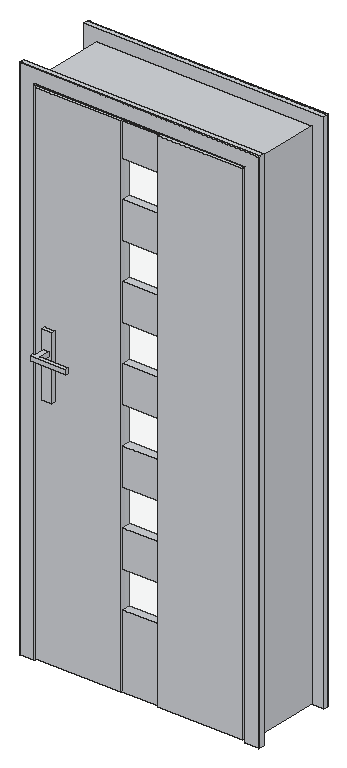
Revit family "PortaFOCUSbp_3B", category Drzwi, Revit 2016
Family settings
  Obiekt nadrzędny = Ściana
  Zawsze pionowo = Tak
  Tnij formami wycięć po wczytaniu = Nie
  Współdzielony = Nie
  Punkt obliczania pomieszczeń = Nie
Parameters (values of type "PN 80")
  Zakres szerokości muru [instance] = if(and(Szerokość ściany > 94 mm, Szerokość ściany < 120 mm), "B", (if(and(Szerokość ściany > 119 mm, Szerokość ściany < 140 mm), "C", (if(and(Szerokość ściany > 139 mm, Szerokość ściany < 160 mm), "D", (if(and(Szerokość ściany > 159 mm, Szerokość ściany < 180 mm), "E", (if(and(Szerokość ściany > 179 mm, Szerokość ściany < 200 mm), "F", (if(and(Szerokość ściany > 199 mm, Szerokość ściany < 220 mm), "G", (if(and(Szerokość ściany > 219 mm, Szerokość ściany < 240 mm), "H", (if(and(Szerokość ściany > 239 mm, Szerokość ściany < 260 mm), "I", (if(and(Szerokość ściany > 259 mm, Szerokość ściany < 280 mm), "J", (if(and(Szerokość ściany > 279 mm, Szerokość ściany < 301 mm), "K", "BRAK")))))))))))))))))))  # "K"
  Wysokość brutto = 2060 mm
  Szerokość ściany [instance] = 300 mm
  Szerokość brutto = 880 mm
  Model = "Porta Focus 3B"
  Materiał_szyba = Szkło
  Konstrukcja analityczna = "<Brak>"
  Funkcja = Wewnętrzna
  URL = "www.porta.com.pl"
  Ss = 818 mm
  Sb = 846 mm
  Producent = "PORTA KMI POLAND"
  Keynote = ""
  Opis = "Własność Porta KMI Poland, wszelkie prawa zastrzeżone."  # constant formula
  Wysokość = 2016 mm
  Zakończenie ściany = Wg obiektu nadrzędnego
  Szerokość = 800 mm
  Materiał_skrzydło [instance] = none
  Materiał_ościeżnica [instance] = none
  Materiał_klamka [instance] = none
  Hs = 2017 mm
Types (5, lengths in mm): name | Szerokość brutto | Materiał_szyba | Ss | Sb | Szerokość
  PN 70 | 780 | none | 718 | 746 | 700
  PN 60 | 680 | none | 618 | 646 | 600
  PN 80 | 880 | Szkło | 818 | 846 | 800
  PN 90 | 980 | none | 918 | 946 | 900
  PN 100 | 1080 | none | 1018 | 1046 | 1000
Reference planes
  plane 1: y = 0
  plane 2 "Środek (Lewa/Prawa)": x = 0
  plane 3 "Lewy": x = -440
  plane 4 "Prawy": x = 440
  plane 5: z = 2060
  plane 6 "Zewnętrzna": y = 150
  plane 7 "Wewnętrzna": y = -150
  plane 8 "skrzydło": y = -129
Forms (mm)
  Sweep 1, solid, material <- "Materiał_ościeżnica"
    path in 3D
      loop
        line (-440, -150, 0) -> (-440, -150, 2060) -> (440, -150, 2060) -> (440, -150, 0)
    profile origin (-440, -150, 1030) x (0, -1, 0) y (1, 0, 0)
      loop
        line (-24, 39) -> (-72, 39) -> (-72, 17) -> (0, 17) -> (0, -33) -> (16, -33)
        arc (16, -33) -> (18.121, -32.121) -> (19, -30) r 3
        line (19, -30) -> (19, 24)
        arc (19, 24) -> (18.121, 26.121) -> (16, 27) r 3
        line (16, 27) -> (-24, 27) -> (-24, 39)
  Sweep 2, solid, material <- "Materiał_ościeżnica"
    path in 3D
      loop
        line (440, 150, 0) -> (440, 150, 2060) -> (-440, 150, 2060) -> (-440, 150, 0)
    profile origin (-440, 150, 1030) x (1, 0, 0) y (0, 1, 0)
      loop
        line (-33, 0) -> (17, 0) -> (17, -228) -> (39, -228) -> (39, -1)
        arc (39, -1) -> (37.536, 2.536) -> (34, 4) r 5
        line (34, 4) -> (25, 4) -> (25, 16)
        arc (25, 16) -> (24.121, 18.121) -> (22, 19) r 3
        line (22, 19) -> (-30, 19)
        arc (-30, 19) -> (-32.121, 18.121) -> (-33, 16) r 3
        line (-33, 16) -> (-33, 0)
  Sweep 3, solid, not visible
    path in 3D
      loop
        line (-440, -150, 0) -> (-440, -150, 2060)
    profile origin (-440, -150, 1030) x (0, -1, 0) y (1, 0, 0)
      loop
        line (-151, 17) -> (-149, 17) -> (-149, 19) -> (-151, 19) -> (-151, 17)
Cuts and joins
  joined: Sweep 1, Sweep 2
Lines and regions (mm)
  Opening 1
    outline origin (-3050, -150, 0) x (1, 0, 0) y (0, 0, 1)
      loop
        line (2610, 0) -> (3490, 0) -> (3490, 2060) -> (2610, 2060) -> (2610, 0)
  sketch lines
    curve 1: line (-440, -150, 0) -> (-440, -150, 2060)
    curve 2: line (-440, -150, 2060) -> (440, -150, 2060)
    curve 3: line (440, -150, 2060) -> (440, -150, 0)
    curve 4: line (-440, 150, 2060) -> (-440, 150, 0)
    curve 5: line (440, 150, 2060) -> (-440, 150, 2060)
    curve 6: line (440, 150, 0) -> (440, 150, 2060)
    curve 12: line (-440, -150, 0) -> (-440, -150, 2060)
  symbolic lines, style "DoorsPanelProjection"
    curve 7: line (409, -150, 0) -> (409, -968, 0)
    curve 8: line (409, -968, 0) -> (369, -968, 0)
    curve 9: line (369, -968, 0) -> (369, -150, 0)
    curve 10: line (369, -150, 0) -> (409, -150, 0)
  symbolic lines, style "Ugięcie rzutu"
    curve 11: arc (-409, -150, 0) -> (-169.413, -728.413, 0) -> (409, -968, 0) r 818
Text (mm)
  text "Zewnętrzna" at (-2295.016, 1099.543, 0), in view "Poziom odniesienia"
  text "Zewnętrzna" at (0, 1615.38, 3698.081), in view "Lewy"
  text "Zewnętrzna" at (0, 1036.032, 3874.932), in view "Prawy"
Dimensions and locks
  equal spacing: plane 3 "Lewy", plane 2 "Środek (Lewa/Prawa)", plane 4 "Prawy"
  "Szerokość brutto": plane 3 "Lewy" to plane 4 "Prawy"
  "Wysokość brutto": plane 5 to host wall
  host wall to plane 5 = 2060 mm  (x2)
  locked: plane 6 "Zewnętrzna" to host wall at 0
  locked: plane 7 "Wewnętrzna" to host wall
  "Sb": Sweep 1 to Sweep 1
  locked: Sweep 1 sketch curve to Sweep 1 sketch curve at 22
  Sweep 1 sketch curve to Sweep 1 sketch curve = 50 mm
  locked: Sweep 1 sketch curve to profile plane at 72
  locked: Sweep 2 sketch curve to Sweep 2 sketch curve at 50
  locked: Sweep 2 sketch curve to Sweep 2 sketch curve at 22
  locked: Sweep 2 sketch curve to plane 6 "Zewnętrzna" at 1
  locked: curve 9 to curve 7 at 40
  "Ss": curve 8 to curve 10
  equal spacing: curve 11, plane 2 "Środek (Lewa/Prawa)", curve 7
  locked: plane 7 "Wewnętrzna" to plane 8 "skrzydło" at 21
  locked: host wall to Sweep 3 sketch curve at 1
  locked: Sweep 3 sketch curve to host wall at 1
  locked: Sweep 3 sketch curve to plane 6 "Zewnętrzna" at 151
  locked: plane 7 "Wewnętrzna" to Sweep 3 sketch curve at 151
  nested 1 to plane 2 "Środek (Lewa/Prawa)" to nested 1 = 409 mm, 409 mm
  locked: nested 1 to level at 8
  "Szerokość ściany": host wall to host wall
  aligned and locked: plane 3 "Lewy" to Opening 1 sketch curve
  aligned and locked: plane 5 to Opening 1 sketch curve  (x2)
  aligned and locked: Opening 1 sketch curve to plane 4 "Prawy"
  aligned and locked: Opening 1 sketch curve to level
  aligned and locked: plane 1 to host wall
  aligned and locked: Sweep 1 to Sweep 2 sketch curve
  aligned and locked: plane 7 "Wewnętrzna" to curve 10
  aligned and locked: Sweep 3 sketch curve to cut or joined group of Sweep 1, Sweep 2
  aligned and locked: Sweep 2 sketch curve to cut or joined group of Sweep 1, Sweep 2
  aligned and locked: nested 1 to plane 8 "skrzydło"
  aligned and locked: plane 2 "Środek (Lewa/Prawa)" to nested 1
Automatic sketch dimensions
  profile plane to Sweep 1 sketch curve = 24 mm
  Sweep 1 sketch curve to profile plane = 16 mm  (x2)
  Sweep 1 sketch curve to Sweep 1 sketch curve = 3 mm
  profile plane to Sweep 1 sketch curve = 17 mm
  Sweep 1 sketch curve to Sweep 1 sketch curve = 7 mm
  Sweep 1 sketch curve to profile plane = 0 mm
  Sweep 2 sketch curve to profile plane = 0 mm
  Sweep 2 sketch curve to profile plane = 16 mm
  Sweep 2 sketch curve to Sweep 2 sketch curve = 3 mm
  Sweep 2 sketch curve to Sweep 2 sketch curve = 5 mm
  Sweep 2 sketch curve to profile plane = 4 mm
  Sweep 2 sketch curve to Sweep 2 sketch curve = 8 mm
  curve 11 to host wall = 0 mm
  Sweep 3 sketch curve to Sweep 3 sketch curve = 2 mm
Nested families
  nested 1: "skrzydło" at (0, -135.5, 0), type "skrzydło"
Definition of nested family "skrzydło"
  Parameters
    Ss = 818 mm
    Materiał_skrzydło = none
    Materiał_klamka = none
    Materiał szyba = none
    Hs = 2017 mm
  Reference planes
    plane 1 "Tył": y = 6.5
    plane 2: z = 0
    plane 3 "Środek (Lewa/Prawa)": x = 0
    plane 4 "Przód": y = -33.5
    plane 5: z = 2025
    plane 6 "Centrum": y = -13.5
    plane 7: z = 8
    plane 8: x = -409
    plane 9: x = 409
    plane 10: x = -72.5
    plane 11: x = 72.5
  Forms (mm)
    Extrusion 1, solid, material <- "Materiał_skrzydło"
      sketch origin (-1191.728, -1524, 8) x (-1, 0, 0) y (0, -1, 0)
        loop
          line (-1119.228, -1490.5) -> (-1119.228, -1530.5) -> (-782.728, -1530.5) -> (-782.728, -1490.5) -> (-1119.228, -1490.5)
        loop
          line (-1600.728, -1530.5) -> (-1264.228, -1530.5) -> (-1264.228, -1490.5) -> (-1600.728, -1490.5) -> (-1600.728, -1530.5)
      from 0 to 2017
    Extrusion 2, solid, material <- "Materiał szyba"
      sketch origin (-892.016, -13.5, 1200) x (-1, 0, 0) y (0, 0, 1)
        loop
          line (-819.516, 824) -> (-964.516, 824) -> (-964.516, -1191) -> (-819.516, -1191) -> (-819.516, 824)
      from -4 to 4
    Extrusion 3, solid, material <- "Materiał_skrzydło"
      sketch origin (-892.016, -13.5, 1200) x (-1, 0, 0) y (0, 0, 1)
        loop
          line (-819.516, -902) -> (-964.516, -902) -> (-964.516, -1192) -> (-819.516, -1192) -> (-819.516, -902)
        loop
          line (-819.516, 825) -> (-964.516, 825) -> (-964.516, 693) -> (-819.516, 693) -> (-819.516, 825)
        loop
          line (-819.516, -612) -> (-964.516, -612) -> (-964.516, -757) -> (-819.516, -757) -> (-819.516, -612)
        loop
          line (-819.516, -322) -> (-964.516, -322) -> (-964.516, -467) -> (-819.516, -467) -> (-819.516, -322)
        loop
          line (-819.516, -32) -> (-964.516, -32) -> (-964.516, -177) -> (-819.516, -177) -> (-819.516, -32)
        loop
          line (-819.516, 258) -> (-964.516, 258) -> (-964.516, 113) -> (-819.516, 113) -> (-819.516, 258)
        loop
          line (-819.516, 548) -> (-964.516, 548) -> (-964.516, 403) -> (-819.516, 403) -> (-819.516, 548)
      from -16.7 to 16.7
  Dimensions and locks
    locked: plane 7 to level at 8
    "Hs": plane 5 to plane 7
    locked: nested 1 to plane 7 at 934
    locked: plane 7 to nested 2 at 934
    equal spacing: plane 4 "Przód", plane 6 "Centrum", plane 1 "Tył"
    equal spacing: plane 8, plane 3 "Środek (Lewa/Prawa)", plane 9
    "Ss": plane 8 to plane 9
    locked: plane 8 to nested 1 at 55
    locked: plane 8 to nested 2 at 55
    plane 10 to plane 3 "Środek (Lewa/Prawa)" to plane 11 = 72.5 mm locked, 72.5 mm locked
    aligned and locked: nested 1 to plane 4 "Przód"
    aligned and locked: plane 5 to Extrusion 1
    aligned and locked: nested 2 to nested 1
    aligned and locked: Extrusion 1 sketch curve to plane 8
    aligned and locked: Extrusion 1 sketch curve to plane 9
    aligned and locked: Extrusion 1 sketch curve to plane 1 "Tył"
    aligned and locked: Extrusion 1 sketch curve to plane 4 "Przód"
    aligned and locked: plane 10 to Extrusion 2 sketch curve
    aligned and locked: Extrusion 2 sketch curve to plane 11
    aligned and locked: Extrusion 1 sketch curve to plane 10
    aligned and locked: plane 11 to Extrusion 1 sketch curve
    aligned and locked: plane 10 to Extrusion 3 sketch curve
    aligned and locked: Extrusion 3 sketch curve to plane 11
    aligned and locked: plane 7 to Extrusion 3 sketch curve
    aligned and locked: plane 5 to Extrusion 3 sketch curve
  Automatic sketch dimensions
    plane 1 "Tył" to Extrusion 1 sketch curve = 0 mm
    Extrusion 1 sketch curve to plane 4 "Przód" = 0 mm
    Extrusion 2 sketch curve to plane 5 = 1 mm
    plane 7 to Extrusion 2 sketch curve = 1 mm
    plane 11 to Extrusion 3 sketch curve = 0 mm  (x6)
    Extrusion 3 sketch curve to plane 10 = 0 mm  (x6)
    Extrusion 3 sketch curve to Extrusion 3 sketch curve = 290 mm
    Extrusion 3 sketch curve to Extrusion 3 sketch curve = 145 mm  (x10)
    Extrusion 3 sketch curve to plane 5 = 132 mm
  Nested families
    nested 1: "KLAMKA" at (-354, -33.5, 1067), Materiał klamki <- "Materiał_klamka", type "KLAMKA"
      with Materiał klamki none
    nested 2: "KLAMKA" at (-354, 6.5, 1067), Materiał klamki <- "Materiał_klamka", type "KLAMKA"
      with Materiał klamki none
  Definition of nested family "KLAMKA"
    Parameters
      Materiał klamki [instance] = none
      Assembly Code = ""
      Default Elevation = 1219.2 mm
    Reference planes
      plane 1 "Center (Front/Back)": y = 0
      plane 2: z = 0
      plane 3 "Center (Left/Right)": x = 0
      plane 4: z = 125
      plane 5: z = -125
      plane 6: x = 20
      plane 7: x = -20
      plane 8: y = -70
      plane 9: y = -60
      plane 10: x = 10
      plane 11: x = -10
      plane 12: x = 120
      plane 13: z = 35
      plane 14: z = 55
      plane 15: y = -15
    Forms (mm)
      Extrusion 1, solid, material <- "Materiał klamki"
        sketch origin (0, 0, 0) x (1, 0, 0) y (0, 0, 1)
          loop
            line (-20, 125) -> (-20, -125) -> (20, -125) -> (20, 125) -> (-20, 125)
        from 0 to 15
      Extrusion 2, solid, material <- "Materiał klamki"
        sketch origin (0, 0, 0) x (1, 0, 0) y (0, 1, 0)
          loop
            line (-10, -15) -> (-10, -60) -> (-20, -60) -> (-20, -70) -> (120, -70) -> (120, -60) -> (10, -60) -> (10, -15) -> (-10, -15)
        from 35 to 55
    Dimensions and locks
      equal spacing: plane 4, plane 2, plane 5
      plane 4 to plane 5 = 250 mm
      equal spacing: plane 7, plane 3 "Center (Left/Right)", plane 6
      plane 7 to plane 6 = 40 mm
      plane 8 to plane 1 "Center (Front/Back)" = 70 mm
      plane 11 to plane 3 "Center (Left/Right)" to plane 10 = 10 mm locked, 10 mm locked
      plane 7 to plane 12 = 140 mm
      plane 15 to plane 1 "Center (Front/Back)" = 15 mm
      aligned and locked: plane 7 to Extrusion 1 sketch curve
      aligned and locked: Extrusion 1 sketch curve to plane 4
      aligned and locked: plane 5 to Extrusion 1 sketch curve
      aligned and locked: Extrusion 1 sketch curve to plane 6
      aligned and locked: plane 15 to Extrusion 1
      aligned and locked: Extrusion 1 to plane 1 "Center (Front/Back)"
      aligned and locked: plane 14 to Extrusion 2
      aligned and locked: Extrusion 2 to plane 13
    Automatic sketch dimensions
      Extrusion 2 sketch curve to plane 7 = 0 mm
      Extrusion 2 sketch curve to plane 9 = 0 mm  (x2)
      Extrusion 2 sketch curve to plane 11 = 0 mm
      Extrusion 2 sketch curve to plane 10 = 0 mm
      Extrusion 2 sketch curve to plane 12 = 0 mm
      Extrusion 2 sketch curve to plane 8 = 0 mm
      Extrusion 2 sketch curve to plane 15 = 0 mm
